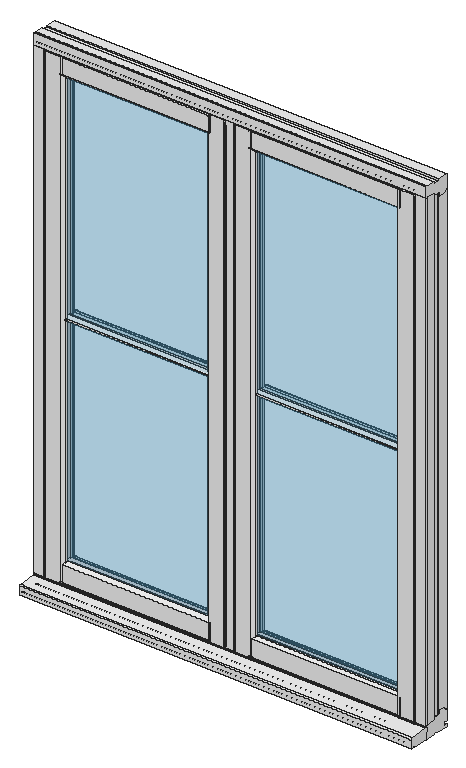
Revit family "C2-2P", category Windows, host Wall, Revit 2012
Parameters
  metal = Matel
  Wood = WindowColor
  Str.Tolrance = 11 mm
  Height = 1770 mm
  Glass = Glass
  Default Sill Height = 914.4 mm
  Wall Closure = By host
  Width = 1400 mm
Reference planes
  plane 1 "Center (Front/Back)": y = 0
  plane 2: z = 0
  plane 3 "Center (Left/Right)": x = 0
  plane 4 "Left": x = -700
  plane 5 "Right": x = 700
  plane 6 "Sill": z = 914.4
  plane 7 "Top": z = 2684.4
  plane 8: y = 33.076
  plane 9: z = 2648.4
  plane 10: x = 660
  plane 11: x = -660
  plane 12: z = 2644.4
  plane 13: z = 962.4
  plane 14: x = 602
  plane 15: x = -602
  plane 16: z = 1024.4
  plane 17: z = 2586.4
  plane 18: z = 2628.4
  plane 19: x = 18
  plane 20: x = -18
  plane 21: z = 1799.4
  plane 22: x = 80
  plane 23: x = -80
  plane 24: z = 982.4
Forms (mm)
  Sweep 1, solid, material "Matel" <- "metal"
    path origin (0, 0, 0) x (1, 0, 0) y (0, 0, 1)
      loop
        line (700, 914.4) -> (700, 2648.4)
    profile origin (700, 0, 1781.4) x (-1, 0, 0) y (0, -1, 0)
      loop
        line (0, -10) -> (0, -47) -> (43, -47) -> (43, -44)
        arc (43, -44) -> (50.071, -41.071) -> (53, -34) r 10
        line (53, -34) -> (56, -34) -> (56, -18) -> (36, -18) -> (36, -14) -> (44, -14) -> (44, -4) -> (36, -4) -> (36, -1) -> (44, -1) -> (44, 7) -> (36, 7) -> (36, 31.727)
        arc (36, 31.727) -> (34.922, 33.441) -> (33, 34.079) r 3
        line (33, 34.079) -> (33, 41)
        arc (33, 41) -> (34.834, 41.499) -> (36, 43) r 3
        line (36, 43) -> (36, 47) -> (0, 47) -> (0, 42) -> (2, 42)
        arc (2, 42) -> (5, 39) -> (2, 36) r 3
        line (2, 36) -> (0, 36) -> (0, 10) -> (5, 10) -> (5, -10) -> (0, -10)
  Sweep 2, solid, material "Matel" <- "metal"
    path origin (0, 0, 0) x (-1, 0, 0) y (0, 0, 1)
      loop
        line (700, 914.4) -> (700, 2648.4)
    profile origin (-700, 0, 1781.4) x (-1, 0, 0) y (0, -1, 0)
      loop
        line (0, -10) -> (-5, -10) -> (-5, 10) -> (0, 10) -> (0, 36) -> (-2, 36)
        arc (-2, 36) -> (-5, 39) -> (-2, 42) r 3
        line (-2, 42) -> (0, 42) -> (0, 47) -> (-36, 47) -> (-36, 43)
        arc (-36, 43) -> (-34.834, 41.499) -> (-33, 41) r 3
        line (-33, 41) -> (-33, 34.079)
        arc (-33, 34.079) -> (-34.922, 33.441) -> (-36, 31.727) r 3
        line (-36, 31.727) -> (-36, 7) -> (-44, 7) -> (-44, -1) -> (-36, -1) -> (-36, -4) -> (-44, -4) -> (-44, -14) -> (-36, -14) -> (-36, -18) -> (-56, -18) -> (-56, -34) -> (-53, -34)
        arc (-53, -34) -> (-50.071, -41.071) -> (-43, -44) r 10
        line (-43, -44) -> (-43, -47) -> (0, -47) -> (0, -10)
  Sweep 3, solid, material "Matel" <- "metal"
    path origin (-2484.788, 0, 2663.844) x (0, 0, 1) y (1, 0, 0)
      loop
        line (20.556, 1784.788) -> (20.556, 3184.788)
    profile origin (0, 0, 2684.4) x (0, 0, 1) y (0, -1, 0)
      loop
        line (0, -10) -> (-5, -10) -> (-5, 10) -> (0, 10) -> (0, 36) -> (-2, 36)
        arc (-2, 36) -> (-5, 39) -> (-2, 42) r 3
        line (-2, 42) -> (0, 42) -> (0, 47) -> (-36, 47) -> (-36, 43)
        arc (-36, 43) -> (-34.834, 41.499) -> (-33, 41) r 3
        line (-33, 41) -> (-33, 34.079)
        arc (-33, 34.079) -> (-34.922, 33.441) -> (-36, 31.727) r 3
        line (-36, 31.727) -> (-36, 7) -> (-44, 7) -> (-44, -1) -> (-36, -1) -> (-36, -4) -> (-44, -4) -> (-44, -14) -> (-36, -14) -> (-36, -18) -> (-56, -18) -> (-56, -34) -> (-53, -34)
        arc (-53, -34) -> (-50.071, -41.071) -> (-43, -44) r 10
        line (-43, -44) -> (-43, -47) -> (0, -47) -> (0, -10)
  Sweep 4, solid, material "Matel" <- "metal"
    path origin (0, 0, -6.25) x (1, 0, 0) y (0, 0, 1)
      loop
        line (700, 920.65) -> (-700, 920.65)
    profile origin (0, 0, 914.4) x (0, 0, -1) y (0, -1, 0)
      loop
        line (-55, -46) -> (-20, -46) -> (-20, -36) -> (-10, -36) -> (-10, -46) -> (0, -46) -> (0, -9) -> (-5, -9) -> (-5, 11) -> (0, 11) -> (0, 37) -> (-2, 37)
        arc (-2, 37) -> (-5, 40) -> (-2, 43) r 3
        line (-2, 43) -> (0, 43) -> (0, 48) -> (-23, 48) -> (-23, 43) -> (-38, 43) -> (-38, 48) -> (-41, 48)
        arc (-41, 48) -> (-42.414, 47.414) -> (-43, 46) r 2
        line (-43, 46) -> (-48, 6) -> (-53, 6) -> (-56, -17) -> (-57, -17) -> (-57, -23) -> (-60, -23) -> (-60, -17) -> (-68, -17) -> (-68, -33) -> (-65, -33)
        arc (-65, -33) -> (-62.071, -40.071) -> (-55, -43) r 10
        line (-55, -43) -> (-55, -46)
  Sweep 5, solid, material "Matel" <- "metal"
    path origin (0, 0, -6.25) x (1, 0, 0) y (0, 0, 1)
      loop
        line (700, 920.65) -> (-700, 920.65)
    profile origin (0, 0, 914.4) x (0, 0, -1) y (0, -1, 0)
      loop
        line (-2, 103) -> (0, 103) -> (0, 108) -> (-28, 108)
        arc (-28, 108) -> (-30.068, 107.174) -> (-30.996, 105.149) r 3
        line (-30.996, 105.149) -> (-38, 48) -> (-38, 43) -> (-23, 43) -> (-23, 48) -> (0, 48) -> (0, 97) -> (-2, 97)
        arc (-2, 97) -> (-5, 100) -> (-2, 103) r 3
  Sweep 6, solid, material "Matel" <- "metal"
    path origin (0, 0, 162.5) x (1, 0, 0) y (0, 0, 1)
      loop
        line (608, 794.9) -> (69.836, 794.9)
    profile origin (338.918, 0, 957.4) x (0, 0, -1) y (0, -1, 0)
      loop
        line (-12, -10.5) -> (-12, 5.5)
        arc (-12, 5.5) -> (-12.586, 6.914) -> (-14, 7.5) r 2
        line (-14, 7.5) -> (-14, 25.5)
        arc (-14, 25.5) -> (-12.586, 26.086) -> (-12, 27.5) r 2
        line (-12, 27.5) -> (-12, 38.5) -> (-3, 38.5)
        arc (-3, 38.5) -> (-0.879, 39.379) -> (0, 41.5) r 3
        line (0, 41.5) -> (0, 43.5)
        arc (0, 43.5) -> (-0.879, 45.621) -> (-3, 46.5) r 3
        line (-3, 46.5) -> (-62, 46.5) -> (-72, 36.5) -> (-72, 34.5) -> (-56, 34.5) -> (-56, -13.5) -> (-15, -13.5)
        arc (-15, -13.5) -> (-12.879, -12.621) -> (-12, -10.5) r 3
  Sweep 7, solid, material "Matel" <- "metal"
    path origin (0, 0, 0) x (1, 0, 0) y (0, 0, 1)
      loop
        line (602, 2586.4) -> (75.836, 2586.4) -> (75.836, 1019.4) -> (602, 1019.4) -> (602, 2586.4)
    profile origin (338.918, 0, 2586.4) x (0, 0, -1) y (0, -1, 0)
      loop
        line (-1, -10) -> (-1, -7)
        arc (-1, -7) -> (4.657, -4.657) -> (7, 1) r 8
        line (7, 1) -> (10, 1) -> (10, 5) -> (6, 6) -> (6, 9) -> (-6, 9) -> (-6, -10) -> (-1, -10)
  Sweep 8, solid
    path origin (0, 0, 0) x (1, 0, 0) y (0, 0, 1)
      loop
        line (602, 2586.4) -> (75.836, 2586.4) -> (75.836, 1024.4) -> (602, 1024.4) -> (602, 2586.4)
    profile origin (338.918, 0, 2586.4) x (0, 0, -1) y (0, -1, 0)
      loop
        line (-6, 13.165) -> (4, 13.165) -> (4, 29.165) -> (-6, 29.165) -> (-6, 13.165)
  Extrusion 9, solid, material "Glass" <- "Glass"
    sketch origin (0, -52.04, 0) x (1, 0, 0) y (0, 0, -1)
      loop
        line (602, -2586.4) -> (602, -1024.4) -> (81.836, -1024.4) -> (81.836, -2586.4) -> (602, -2586.4)
    from 38.875 to 42.875
  Sweep 10, solid, material "Matel" <- "metal"
    path origin (0, 0, 0) x (1, 0, 0) y (0, 0, 1)
      loop
        line (0, 2648.4) -> (0, 952.4)
    profile origin (0, 0, 1800.4) x (0, -1, 0) y (1, 0, 0)
      loop
        line (42.988, -14) -> (46.988, -14) -> (46.988, 14) -> (42.988, 14)
        arc (42.988, 14) -> (41.574, 13.414) -> (40.988, 12) r 2
        line (40.988, 12) -> (40.988, 11) -> (33.988, 11) -> (33.988, 12)
        arc (33.988, 12) -> (33.403, 13.414) -> (31.988, 14) r 2
        line (31.988, 14) -> (6.988, 14) -> (6.988, 20) -> (-1.012, 20) -> (-1.012, 14) -> (-4.012, 14) -> (-4.012, 22) -> (-14.012, 22) -> (-14.012, 14) -> (-18.012, 14) -> (-18.012, 34) -> (-34.012, 34) -> (-34.012, 31)
        arc (-34.012, 31) -> (-41.083, 28.071) -> (-44.012, 21) r 10
        line (-44.012, 21) -> (-47.012, 21) -> (-47.012, -21) -> (-44.012, -21)
        arc (-44.012, -21) -> (-41.083, -28.071) -> (-34.012, -31) r 10
        line (-34.012, -31) -> (-34.012, -34) -> (-18.012, -34) -> (-18.012, -14) -> (-14.012, -14) -> (-14.012, -22) -> (-4.012, -22) -> (-4.012, -14) -> (-1.012, -14) -> (-1.012, -20) -> (6.988, -20) -> (6.988, -14) -> (31.988, -14)
        arc (31.988, -14) -> (33.403, -13.414) -> (33.988, -12) r 2
        line (33.988, -12) -> (33.988, -11) -> (40.988, -11) -> (40.988, -12)
        arc (40.988, -12) -> (41.574, -13.414) -> (42.988, -14) r 2
  Sweep 11, solid, material "Matel" <- "metal"
    path origin (0, 0, 0) x (-1, 0, 0) y (0, 0, 1)
      loop
        line (602, 2586.4) -> (75.836, 2586.4) -> (75.836, 1019.4) -> (602, 1019.4) -> (602, 2586.4)
    profile origin (-338.918, 0, 2586.4) x (0, 0, 1) y (0, -1, 0)
      loop
        line (1, -10) -> (6, -10) -> (6, 9) -> (-6, 9) -> (-6, 6) -> (-10, 5) -> (-10, 1) -> (-7, 1)
        arc (-7, 1) -> (-4.657, -4.657) -> (1, -7) r 8
        line (1, -7) -> (1, -10)
  Sweep 12, solid, material "Matel" <- "metal"
    path origin (0, 0, 0) x (-1, 0, 0) y (0, 0, 1)
      loop
        line (660, 914.4) -> (660, 2644.4)
    profile origin (-660, 0, 1779.4) x (-1, 0, 0) y (0, -1, 0)
      loop
        line (-8, -10) -> (-8, 6)
        arc (-8, 6) -> (-8.586, 7.414) -> (-10, 8) r 2
        line (-10, 8) -> (-10, 26)
        arc (-10, 26) -> (-8.586, 26.586) -> (-8, 28) r 2
        line (-8, 28) -> (-8, 39) -> (-3, 39)
        arc (-3, 39) -> (-0.879, 39.879) -> (0, 42) r 3
        line (0, 42) -> (0, 44)
        arc (0, 44) -> (-0.879, 46.121) -> (-3, 47) r 3
        line (-3, 47) -> (-58, 47) -> (-68, 37) -> (-68, 35) -> (-52, 35) -> (-52, -13) -> (-11, -13)
        arc (-11, -13) -> (-8.879, -12.121) -> (-8, -10) r 3
  Sweep 13, solid, material "Matel" <- "metal"
    path origin (0, 0, 0) x (-1, 0, 0) y (0, 0, 1)
      loop
        line (608, 957.4) -> (69.836, 957.4)
    profile origin (-338.918, 0, 957.4) x (0, 0, 1) y (0, -1, 0)
      loop
        arc (12, -10.5) -> (12.879, -12.621) -> (15, -13.5) r 3
        line (15, -13.5) -> (56, -13.5) -> (56, 34.5) -> (72, 34.5) -> (72, 36.5) -> (62, 46.5) -> (3, 46.5)
        arc (3, 46.5) -> (0.879, 45.621) -> (0, 43.5) r 3
        line (0, 43.5) -> (0, 41.5)
        arc (0, 41.5) -> (0.879, 39.379) -> (3, 38.5) r 3
        line (3, 38.5) -> (12, 38.5) -> (12, 27.5)
        arc (12, 27.5) -> (12.586, 26.086) -> (14, 25.5) r 2
        line (14, 25.5) -> (14, 7.5)
        arc (14, 7.5) -> (12.586, 6.914) -> (12, 5.5) r 2
        line (12, 5.5) -> (12, -10.5)
  Extrusion 14, solid, material "Glass" <- "Glass"
    sketch origin (0, 13.71, 0) x (1, 0, 0) y (0, 0, 1)
      loop
        line (602, 2586.4) -> (81.836, 2586.4) -> (81.836, 1024.4) -> (602, 1024.4) -> (602, 2586.4)
    from 42.875 to 46.875
  Sweep 15, solid
    path origin (0, 0, 0) x (-1, 0, 0) y (0, 0, 1)
      loop
        line (602, 2586.4) -> (75.836, 2586.4) -> (75.836, 1024.4) -> (602, 1024.4) -> (602, 2586.4)
    profile origin (-338.918, 0, 2586.4) x (0, 0, 1) y (0, -1, 0)
      loop
        line (6, 13.165) -> (6, 29.165) -> (-4, 29.165) -> (-4, 13.165) -> (6, 13.165)
  Extrusion 16, solid, material "Glass" <- "Glass"
    sketch origin (0, -52.04, 0) x (-1, 0, 0) y (0, 0, 1)
      loop
        line (602, 2586.4) -> (81.836, 2586.4) -> (81.836, 1024.4) -> (602, 1024.4) -> (602, 2586.4)
    from 38.875 to 42.875
  Extrusion 17, solid, material "Glass" <- "Glass"
    sketch origin (0, 13.71, 0) x (-1, 0, 0) y (0, 0, -1)
      loop
        line (602, -2586.4) -> (602, -1024.4) -> (81.836, -1024.4) -> (81.836, -2586.4) -> (602, -2586.4)
    from 42.875 to 46.875
  Sweep 18, solid, material "Matel" <- "metal"
    path origin (-577.836, 0, 0) x (1, 0, 0) y (0, 0, 1)
      loop
        line (560, 914.4) -> (560, 2644.4)
    profile origin (-17.836, 0, 1779.4) x (-1, 0, 0) y (0, -1, 0)
      loop
        arc (8, -10) -> (8.879, -12.121) -> (11, -13) r 3
        line (11, -13) -> (52, -13) -> (52, 35) -> (68, 35) -> (68, 37) -> (58, 47) -> (3, 47)
        arc (3, 47) -> (0.879, 46.121) -> (0, 44) r 3
        line (0, 44) -> (0, 42)
        arc (0, 42) -> (0.879, 39.879) -> (3, 39) r 3
        line (3, 39) -> (8, 39) -> (8, 28)
        arc (8, 28) -> (8.586, 26.586) -> (10, 26) r 2
        line (10, 26) -> (10, 8)
        arc (10, 8) -> (8.586, 7.414) -> (8, 6) r 2
        line (8, 6) -> (8, -10)
  Sweep 19, solid, material "Matel" <- "metal"
    path origin (-3801.389, 0, 3572.678) x (0, 0, 1) y (1, 0, 0)
      loop
        line (-928.278, 3193.389) -> (-928.278, 3731.553)
    profile origin (-338.918, 0, 2644.4) x (0, 0, 1) y (0, -1, 0)
      loop
        line (-8, -10.5) -> (-8, 5.5)
        arc (-8, 5.5) -> (-8.586, 6.914) -> (-10, 7.5) r 2
        line (-10, 7.5) -> (-10, 25.5)
        arc (-10, 25.5) -> (-8.586, 26.086) -> (-8, 27.5) r 2
        line (-8, 27.5) -> (-8, 38.5) -> (-3, 38.5)
        arc (-3, 38.5) -> (-0.879, 39.379) -> (0, 41.5) r 3
        line (0, 41.5) -> (0, 43.5)
        arc (0, 43.5) -> (-0.879, 45.621) -> (-3, 46.5) r 3
        line (-3, 46.5) -> (-58, 46.5) -> (-68, 36.5) -> (-68, 34.5) -> (-52, 34.5) -> (-52, -13.5) -> (-11, -13.5)
        arc (-11, -13.5) -> (-8.879, -12.621) -> (-8, -10.5) r 3
  Sweep 20, solid, material "Matel" <- "metal", detail levels fine
    path origin (0, 0, 0) x (1, 0, 0) y (0, 0, 1)
      loop
        line (602, 1799.4) -> (80, 1799.4)
    profile origin (341, 0, 1799.4) x (0, 0, -1) y (0, -1, 0)
      loop
        line (10, -2.71) -> (-10, -2.71) -> (-10, -8.71) -> (-8, -8.71) -> (-8, -11.21)
        arc (-8, -11.21) -> (-6.294, -15.725) -> (-2.5, -18.71) r 9
        line (-2.5, -18.71) -> (-2.5, -20.71) -> (2.5, -20.71) -> (2.5, -18.71)
        arc (2.5, -18.71) -> (6.294, -15.725) -> (8, -11.21) r 9
        line (8, -11.21) -> (8, -8.71) -> (10, -8.71) -> (10, -2.71)
      loop
        line (10, 26.379) -> (2.551, 34.533) -> (2.551, 36.533) -> (-2.449, 36.533) -> (-2.449, 34.533) -> (-10, 23.579) -> (10, 23.579) -> (10, 26.379)
  Sweep 21, solid, material "Matel" <- "metal", detail levels fine
    path origin (0, 0, 0) x (-1, 0, 0) y (0, 0, 1)
      loop
        line (602, 1799.4) -> (80, 1799.4)
    profile origin (-341, 0, 1799.4) x (0, 0, 1) y (0, -1, 0)
      loop
        line (-10, -2.71) -> (-10, -8.71) -> (-8, -8.71) -> (-8, -11.21)
        arc (-8, -11.21) -> (-6.294, -15.725) -> (-2.5, -18.71) r 9
        line (-2.5, -18.71) -> (-2.5, -20.71) -> (2.5, -20.71) -> (2.5, -18.71)
        arc (2.5, -18.71) -> (6.294, -15.725) -> (8, -11.21) r 9
        line (8, -11.21) -> (8, -8.71) -> (10, -8.71) -> (10, -2.71) -> (-10, -2.71)
      loop
        line (-10, 26.379) -> (-10, 23.579) -> (10, 23.579) -> (2.449, 34.533) -> (2.449, 36.533) -> (-2.551, 36.533) -> (-2.551, 34.533) -> (-10, 26.379)
  Sweep 22, solid, material "Matel" <- "metal", detail levels fine
    path origin (0, 0, 0) x (1, 0, 0) y (0, 0, 1)
      loop
        line (602, 1799.4) -> (80, 1799.4)
    profile origin (341, 0, 1799.4) x (0, 0, -1) y (0, -1, 0)
      loop
        line (10, -0.153) -> (10, 15.847) -> (-10, 15.847) -> (-10, -0.153) -> (10, -0.153)
  Sweep 23, solid, material "Matel" <- "metal", detail levels fine
    path origin (0, 0, 0) x (-1, 0, 0) y (0, 0, 1)
      loop
        line (595, 1799.4) -> (82.836, 1799.4)
    profile origin (-338.918, 0, 1799.4) x (0, 0, 1) y (0, -1, 0)
      loop
        line (-10, -0.153) -> (10, -0.153) -> (10, 15.847) -> (-10, 15.847) -> (-10, -0.153)
  Sweep 24, void
    path origin (0, 0, 0) x (1, 0, 0) y (0, 1, 0)
      loop
        line (700, 0) -> (-700, 0)
    profile origin (0, 0, 0) x (0, -1, 0) y (0, 0, 1)
      loop
        line (-46, 969.4) -> (-57, 969.4) -> (-57, 909.4) -> (133, 909.4) -> (133, 939.4)
        arc (133, 939.4) -> (132.248, 941.386) -> (130.37, 942.377) r 3
        line (130.37, 942.377) -> (105.37, 945.377) -> (80.364, 948.378) -> (48, 952.4) -> (48, 955.4)
        arc (48, 955.4) -> (47.414, 956.814) -> (46, 957.4) r 2
        line (46, 957.4) -> (6, 962.4) -> (6, 967.4) -> (-17, 970.4) -> (-17, 971.4) -> (-23, 971.4) -> (-23, 974.4) -> (-17, 974.4) -> (-17, 982.4) -> (-33, 982.4) -> (-33, 979.4)
        arc (-33, 979.4) -> (-40.071, 976.471) -> (-43, 969.4) r 10
        line (-43, 969.4) -> (-46, 969.4)
  Sweep 25, solid, material "Matel" <- "metal"
    path origin (0, 0, 0) x (1, 0, 0) y (0, 0, 1)
      loop
        line (602, 2586.4) -> (75.836, 2586.4) -> (75.836, 1019.4) -> (602, 1019.4) -> (602, 2586.4)
    profile origin (338.918, 0, 2586.4) x (0, 0, -1) y (0, -1, 0)
      loop
        line (-1, -10) -> (-1, -7)
        arc (-1, -7) -> (4.657, -4.657) -> (7, 1) r 8
        line (7, 1) -> (10, 1) -> (10, 5) -> (6, 6) -> (6, 9) -> (-6, 9) -> (-6, -10) -> (-1, -10)
  Sweep 26, solid, material "Matel" <- "metal"
    path origin (0, 0, 0) x (1, 0, 0) y (0, 0, 1)
      loop
        line (660, 914.4) -> (660, 2644.4)
    profile origin (660, 0, 1779.4) x (-1, 0, 0) y (0, -1, 0)
      loop
        arc (8, -10) -> (8.879, -12.121) -> (11, -13) r 3
        line (11, -13) -> (52, -13) -> (52, 35) -> (68, 35) -> (68, 37) -> (58, 47) -> (3, 47)
        arc (3, 47) -> (0.879, 46.121) -> (0, 44) r 3
        line (0, 44) -> (0, 42)
        arc (0, 42) -> (0.879, 39.879) -> (3, 39) r 3
        line (3, 39) -> (8, 39) -> (8, 28)
        arc (8, 28) -> (8.586, 26.586) -> (10, 26) r 2
        line (10, 26) -> (10, 8)
        arc (10, 8) -> (8.586, 7.414) -> (8, 6) r 2
        line (8, 6) -> (8, -10)
  Sweep 27, solid, material "Matel" <- "metal"
    path origin (577.836, 0, 0) x (-1, 0, 0) y (0, 0, 1)
      loop
        line (560, 914.4) -> (560, 2644.4)
    profile origin (17.836, 0, 1779.4) x (-1, 0, 0) y (0, -1, 0)
      loop
        line (-8, -10) -> (-8, 6)
        arc (-8, 6) -> (-8.586, 7.414) -> (-10, 8) r 2
        line (-10, 8) -> (-10, 26)
        arc (-10, 26) -> (-8.586, 26.586) -> (-8, 28) r 2
        line (-8, 28) -> (-8, 39) -> (-3, 39)
        arc (-3, 39) -> (-0.879, 39.879) -> (0, 42) r 3
        line (0, 42) -> (0, 44)
        arc (0, 44) -> (-0.879, 46.121) -> (-3, 47) r 3
        line (-3, 47) -> (-58, 47) -> (-68, 37) -> (-68, 35) -> (-52, 35) -> (-52, -13) -> (-11, -13)
        arc (-11, -13) -> (-8.879, -12.121) -> (-8, -10) r 3
  Sweep 28, solid, material "Matel" <- "metal"
    path origin (3801.389, 0, 3572.678) x (0, 0, 1) y (-1, 0, 0)
      loop
        line (-928.278, 3193.389) -> (-928.278, 3731.553)
    profile origin (338.918, 0, 2644.4) x (0, 0, -1) y (0, -1, 0)
      loop
        arc (8, -10.5) -> (8.879, -12.621) -> (11, -13.5) r 3
        line (11, -13.5) -> (52, -13.5) -> (52, 34.5) -> (68, 34.5) -> (68, 36.5) -> (58, 46.5) -> (3, 46.5)
        arc (3, 46.5) -> (0.879, 45.621) -> (0, 43.5) r 3
        line (0, 43.5) -> (0, 41.5)
        arc (0, 41.5) -> (0.879, 39.379) -> (3, 38.5) r 3
        line (3, 38.5) -> (8, 38.5) -> (8, 27.5)
        arc (8, 27.5) -> (8.586, 26.086) -> (10, 25.5) r 2
        line (10, 25.5) -> (10, 7.5)
        arc (10, 7.5) -> (8.586, 6.914) -> (8, 5.5) r 2
        line (8, 5.5) -> (8, -10.5)
Cuts and joins
  Sweep 24 cuts Sweep 1
  Sweep 24 cuts Sweep 2
  Sweep 24 cuts Sweep 10
  Sweep 24 cuts Sweep 12
  Sweep 24 cuts Sweep 18
Lines and regions (mm)
  Opening 1
    outline origin (-1524, -47, 0) x (1, 0, 0) y (0, 0, 1)
      loop
        line (824, 2684.4) -> (824, 914.4) -> (2224, 914.4) -> (2224, 2684.4) -> (824, 2684.4)
Text (mm)
  text "EXTERIOR" at (-1490.695, 1293.036, 0), in view "Ref. Level"
  text "INTERIOR" at (-1490.695, -959.266, 0), in view "Ref. Level"
  text "Exterior" at (0, 1108.87, 3129.179), in view "Left"
  text "Exterior" at (0, 464.664, 3176.206), in view "Right"
Dimensions and locks
  equal spacing: plane 4 "Left", plane 3 "Center (Left/Right)", plane 5 "Right"  (x2)
  "Height": plane 6 "Sill" to plane 7 "Top"
  "Default Sill Height": plane 2 to plane 6 "Sill"
  plane 6 "Sill" to plane 7 "Top" = 1770 mm
  "Width": plane 4 "Left" to plane 5 "Right"
  locked: plane 9 to plane 7 "Top" at 36
  plane 10 to plane 5 "Right" = 40 mm
  plane 11 to plane 4 "Left" = 40 mm
  locked: plane 12 to plane 7 "Top" at 40
  locked: plane 6 "Sill" to plane 13 at 48
  locked: plane 5 "Right" to plane 14 at 98
  locked: plane 4 "Left" to plane 15 at 98
  locked: plane 6 "Sill" to plane 16 at 110
  locked: plane 17 to plane 7 "Top" at 98
  locked: Extrusion 9 to Extrusion 9 at 4
  locked: plane 19 to plane 3 "Center (Left/Right)" at 18
  locked: plane 3 "Center (Left/Right)" to plane 20 at 18
  locked: Extrusion 14 to Extrusion 14 at 4
  locked: Extrusion 16 to Extrusion 16 at 4
  locked: Extrusion 17 to Extrusion 17 at 4
  equal spacing: plane 6 "Sill", plane 21, plane 7 "Top"
  locked: plane 22 to plane 3 "Center (Left/Right)" at 80
  locked: plane 3 "Center (Left/Right)" to plane 23 at 80
  aligned and locked: plane 7 "Top" to Opening 1 sketch curve
  aligned and locked: plane 6 "Sill" to Opening 1 sketch curve  (x2)
  aligned and locked: plane 5 "Right" to Opening 1 sketch curve
  aligned and locked: plane 4 "Left" to Opening 1 sketch curve
  aligned and locked: level to plane 2
  aligned and locked: plane 5 "Right" to Sweep 1 sketch curve
  aligned and locked: plane 9 to Sweep 1 sketch curve
  aligned and locked: plane 4 "Left" to Sweep 2 sketch curve
  aligned and locked: plane 9 to Sweep 2 sketch curve
  aligned and locked: plane 5 "Right" to Sweep 3 sketch curve
  aligned and locked: plane 4 "Left" to Sweep 3 sketch curve
  aligned and locked: plane 4 "Left" to Sweep 4 sketch curve
  aligned and locked: plane 5 "Right" to Sweep 4 sketch curve
  aligned and locked: Sweep 7 sketch curve to plane 14
  aligned and locked: Sweep 7 sketch curve to plane 17
  aligned and locked: Sweep 8 sketch curve to plane 14
  aligned and locked: Sweep 8 sketch curve to plane 17
  aligned and locked: plane 16 to Sweep 8 sketch curve
  aligned and locked: Sweep 6 sketch curve to Sweep 4
  aligned and locked: plane 17 to Sweep 11 sketch curve
  aligned and locked: plane 15 to Sweep 11 sketch curve
  aligned and locked: Sweep 12 sketch curve to plane 11
  aligned and locked: plane 15 to Sweep 15 sketch curve
  aligned and locked: plane 17 to Sweep 15 sketch curve
  aligned and locked: Sweep 15 sketch curve to plane 16
  aligned and locked: Sweep 4 to Sweep 10 sketch curve
  aligned and locked: plane 12 to Sweep 19 sketch curve
  aligned and locked: plane 12 to Sweep 12 sketch curve
  aligned and locked: plane 12 to Sweep 18 sketch curve
  aligned and locked: plane 9 to Sweep 10 sketch curve
  aligned and locked: plane 14 to Sweep 20 sketch curve
  aligned and locked: Sweep 20 sketch curve to plane 21
  aligned and locked: plane 22 to Sweep 20 sketch curve
  aligned and locked: plane 14 to Sweep 22 sketch curve
  aligned and locked: plane 22 to Sweep 22 sketch curve
  aligned and locked: plane 21 to Sweep 23 sketch curve
  aligned and locked: Sweep 11 to Sweep 23 sketch curve  (x2)
  aligned and locked: Sweep 3 to plane 7 "Top"
  aligned and locked: plane 6 "Sill" to Sweep 4
  aligned and locked: plane 6 "Sill" to Sweep 5
Automatic sketch dimensions
  Sweep 1 sketch curve to plane 6 "Sill" = 0 mm
  Sweep 1 sketch curve to profile plane = 0 mm  (x3)
  Sweep 1 sketch curve to profile plane = 2 mm
  Sweep 1 sketch curve to Sweep 1 sketch curve = 5 mm  (x2)
  Sweep 1 sketch curve to Sweep 1 sketch curve = 31 mm  (x2)
  Sweep 1 sketch curve to Sweep 1 sketch curve = 0.071 mm
  Sweep 1 sketch curve to Sweep 1 sketch curve = 0.17 mm
  Sweep 1 sketch curve to plane 1 "Center (Front/Back)" = 4 mm
  Sweep 1 sketch curve to Sweep 1 sketch curve = 0 mm  (x3)
  Sweep 1 sketch curve to Sweep 1 sketch curve = 2.83 mm
  Sweep 1 sketch curve to Sweep 1 sketch curve = 7 mm
  Sweep 1 sketch curve to Sweep 1 sketch curve = 8 mm
  Sweep 1 sketch curve to plane 1 "Center (Front/Back)" = 1 mm
  Sweep 1 sketch curve to Sweep 1 sketch curve = 10 mm  (x2)
  Sweep 1 sketch curve to Sweep 1 sketch curve = 12 mm
  Sweep 1 sketch curve to plane 1 "Center (Front/Back)" = 10 mm
  Sweep 1 sketch curve to Sweep 1 sketch curve = 4 mm
  Sweep 1 sketch curve to Sweep 1 sketch curve = 16 mm
  Sweep 1 sketch curve to Sweep 1 sketch curve = 3 mm  (x2)
  plane 1 "Center (Front/Back)" to Sweep 1 sketch curve = 7 mm
  plane 1 "Center (Front/Back)" to Sweep 1 sketch curve = 10 mm
  Sweep 1 sketch curve to Sweep 1 sketch curve = 24.08 mm
  Sweep 1 sketch curve to Sweep 1 sketch curve = 0.647 mm
  Sweep 1 sketch curve to Sweep 1 sketch curve = 26 mm
  Sweep 1 sketch curve to Sweep 1 sketch curve = 6.921 mm
  Sweep 1 sketch curve to Sweep 1 sketch curve = 2 mm
  Sweep 2 sketch curve to plane 6 "Sill" = 0 mm
  Sweep 2 sketch curve to profile plane = 0 mm  (x3)
  Sweep 2 sketch curve to Sweep 2 sketch curve = 2 mm  (x2)
  Sweep 2 sketch curve to Sweep 2 sketch curve = 5 mm  (x2)
  Sweep 2 sketch curve to Sweep 2 sketch curve = 31 mm
  Sweep 2 sketch curve to Sweep 2 sketch curve = 0.071 mm
  Sweep 2 sketch curve to Sweep 2 sketch curve = 0.17 mm
  plane 1 "Center (Front/Back)" to Sweep 2 sketch curve = 7 mm
  Sweep 2 sketch curve to Sweep 2 sketch curve = 2.929 mm
  Sweep 2 sketch curve to Sweep 2 sketch curve = 2.83 mm
  Sweep 2 sketch curve to plane 1 "Center (Front/Back)" = 1 mm
  Sweep 2 sketch curve to Sweep 2 sketch curve = 0 mm  (x3)
  Sweep 2 sketch curve to Sweep 2 sketch curve = 7 mm
  Sweep 2 sketch curve to Sweep 2 sketch curve = 8 mm
  Sweep 2 sketch curve to Sweep 2 sketch curve = 10 mm  (x2)
  Sweep 2 sketch curve to Sweep 2 sketch curve = 3 mm  (x4)
  Sweep 2 sketch curve to plane 1 "Center (Front/Back)" = 10 mm
  Sweep 2 sketch curve to Sweep 2 sketch curve = 4 mm
  Sweep 2 sketch curve to Sweep 2 sketch curve = 16 mm
  plane 1 "Center (Front/Back)" to Sweep 2 sketch curve = 10 mm
  Sweep 2 sketch curve to Sweep 2 sketch curve = 24.08 mm
  Sweep 2 sketch curve to Sweep 2 sketch curve = 0.647 mm
  Sweep 2 sketch curve to Sweep 2 sketch curve = 26 mm
  Sweep 2 sketch curve to Sweep 2 sketch curve = 6.921 mm
  Sweep 3 sketch curve to plane 7 "Top" = 0 mm
  profile plane to Sweep 3 sketch curve = 0 mm  (x3)
  Sweep 3 sketch curve to Sweep 3 sketch curve = 2 mm  (x2)
  Sweep 3 sketch curve to Sweep 3 sketch curve = 5 mm  (x2)
  Sweep 3 sketch curve to Sweep 3 sketch curve = 31 mm
  Sweep 3 sketch curve to Sweep 3 sketch curve = 0.071 mm
  Sweep 3 sketch curve to Sweep 3 sketch curve = 0.17 mm
  plane 1 "Center (Front/Back)" to Sweep 3 sketch curve = 7 mm
  Sweep 3 sketch curve to Sweep 3 sketch curve = 2.929 mm
  Sweep 3 sketch curve to Sweep 3 sketch curve = 2.83 mm
  Sweep 3 sketch curve to plane 1 "Center (Front/Back)" = 1 mm
  Sweep 3 sketch curve to Sweep 3 sketch curve = 0 mm  (x3)
  Sweep 3 sketch curve to Sweep 3 sketch curve = 7 mm
  Sweep 3 sketch curve to Sweep 3 sketch curve = 8 mm
  Sweep 3 sketch curve to Sweep 3 sketch curve = 10 mm  (x2)
  Sweep 3 sketch curve to Sweep 3 sketch curve = 3 mm  (x4)
  Sweep 3 sketch curve to plane 1 "Center (Front/Back)" = 10 mm
  Sweep 3 sketch curve to Sweep 3 sketch curve = 4 mm
  Sweep 3 sketch curve to Sweep 3 sketch curve = 16 mm
  plane 1 "Center (Front/Back)" to Sweep 3 sketch curve = 10 mm
  Sweep 3 sketch curve to Sweep 3 sketch curve = 24.08 mm
  Sweep 3 sketch curve to Sweep 3 sketch curve = 0.647 mm
  Sweep 3 sketch curve to Sweep 3 sketch curve = 26 mm
  Sweep 3 sketch curve to Sweep 3 sketch curve = 6.921 mm
  Sweep 4 sketch curve to plane 6 "Sill" = 0 mm
  Sweep 4 sketch curve to profile plane = 0 mm  (x3)
  profile plane to Sweep 4 sketch curve = 2 mm
  profile plane to Sweep 4 sketch curve = 5 mm
  profile plane to Sweep 4 sketch curve = 10 mm
  Sweep 4 sketch curve to Sweep 4 sketch curve = 10 mm  (x5)
  Sweep 4 sketch curve to Sweep 4 sketch curve = 21 mm
  Sweep 4 sketch curve to Sweep 4 sketch curve = 15 mm
  Sweep 4 sketch curve to Sweep 4 sketch curve = 3 mm  (x6)
  Sweep 4 sketch curve to Sweep 4 sketch curve = 2 mm
  plane 1 "Center (Front/Back)" to Sweep 4 sketch curve = 6 mm
  Sweep 4 sketch curve to Sweep 4 sketch curve = 5 mm  (x2)
  Sweep 4 sketch curve to Sweep 4 sketch curve = 35 mm
  Sweep 4 sketch curve to plane 1 "Center (Front/Back)" = 17 mm
  Sweep 4 sketch curve to Sweep 4 sketch curve = 1 mm  (x2)
  Sweep 4 sketch curve to Sweep 4 sketch curve = 0 mm  (x2)
  Sweep 4 sketch curve to Sweep 4 sketch curve = 6 mm
  Sweep 4 sketch curve to plane 1 "Center (Front/Back)" = 36 mm
  Sweep 4 sketch curve to plane 1 "Center (Front/Back)" = 9 mm
  plane 1 "Center (Front/Back)" to Sweep 4 sketch curve = 11 mm
  Sweep 4 sketch curve to Sweep 4 sketch curve = 26 mm
  plane 4 "Left" to Sweep 5 sketch curve = 0 mm
  plane 5 "Right" to Sweep 5 sketch curve = 0 mm
  Sweep 5 sketch curve to plane 6 "Sill" = 0 mm
  Sweep 5 sketch curve to profile plane = 0 mm  (x2)
  profile plane to Sweep 5 sketch curve = 2 mm
  profile plane to Sweep 5 sketch curve = 23 mm
  Sweep 5 sketch curve to Sweep 5 sketch curve = 26 mm
  Sweep 5 sketch curve to Sweep 5 sketch curve = 2.996 mm
  Sweep 5 sketch curve to Sweep 5 sketch curve = 15 mm
  plane 1 "Center (Front/Back)" to Sweep 5 sketch curve = 43 mm
  Sweep 5 sketch curve to Sweep 5 sketch curve = 5 mm  (x2)
  Sweep 5 sketch curve to Sweep 5 sketch curve = 49 mm
  Sweep 5 sketch curve to Sweep 5 sketch curve = 3 mm
  Sweep 5 sketch curve to Sweep 5 sketch curve = 2 mm
  Sweep 5 sketch curve to Sweep 5 sketch curve = 0.149 mm
  Sweep 6 sketch curve to profile plane = 0 mm
  profile plane to Sweep 6 sketch curve = 3 mm  (x2)
  profile plane to Sweep 6 sketch curve = 12 mm  (x2)
  Sweep 6 sketch curve to Sweep 6 sketch curve = 2 mm  (x3)
  Sweep 6 sketch curve to Sweep 6 sketch curve = 3 mm
  Sweep 6 sketch curve to Sweep 6 sketch curve = 42 mm
  Sweep 6 sketch curve to Sweep 6 sketch curve = 6 mm
  Sweep 6 sketch curve to Sweep 6 sketch curve = 10 mm
  Sweep 6 sketch curve to plane 1 "Center (Front/Back)" = 13.5 mm
  plane 1 "Center (Front/Back)" to Sweep 6 sketch curve = 5.5 mm
  Sweep 6 sketch curve to Sweep 6 sketch curve = 18 mm
  plane 1 "Center (Front/Back)" to Sweep 6 sketch curve = 34.5 mm
  Sweep 6 sketch curve to Sweep 6 sketch curve = 11 mm
  Sweep 7 sketch curve to plane 22 = 4.164 mm
  profile plane to Sweep 7 sketch curve = 6 mm
  profile plane to Sweep 7 sketch curve = 1 mm
  Sweep 7 sketch curve to profile plane = 6 mm
  plane 1 "Center (Front/Back)" to Sweep 7 sketch curve = 1 mm
  Sweep 7 sketch curve to Sweep 7 sketch curve = 1 mm  (x2)
  plane 1 "Center (Front/Back)" to Sweep 7 sketch curve = 5 mm
  Sweep 7 sketch curve to Sweep 7 sketch curve = 4 mm
  Sweep 7 sketch curve to Sweep 7 sketch curve = 3 mm
  plane 1 "Center (Front/Back)" to Sweep 7 sketch curve = 9 mm
  Sweep 8 sketch curve to plane 22 = 4.164 mm
  profile plane to Sweep 8 sketch curve = 6 mm
  Sweep 8 sketch curve to profile plane = 4 mm
  plane 1 "Center (Front/Back)" to Sweep 8 sketch curve = 13.165 mm
  Sweep 8 sketch curve to Sweep 8 sketch curve = 16 mm
  Extrusion 9 sketch curve to plane 17 = 0 mm
  Extrusion 9 sketch curve to plane 16 = 0 mm
  Extrusion 9 sketch curve to plane 14 = 0 mm
  plane 22 to Extrusion 9 sketch curve = 1.836 mm
  Sweep 10 sketch curve to plane 3 "Center (Left/Right)" = 0 mm
  profile plane to Sweep 10 sketch curve = 21 mm
  Sweep 10 sketch curve to plane 1 "Center (Front/Back)" = 47.012 mm
  Sweep 10 sketch curve to Sweep 10 sketch curve = 3 mm  (x3)
  Sweep 10 sketch curve to Sweep 10 sketch curve = 10 mm  (x2)
  Sweep 10 sketch curve to Sweep 10 sketch curve = 16 mm  (x2)
  Sweep 10 sketch curve to Sweep 10 sketch curve = 4 mm  (x3)
  Sweep 10 sketch curve to plane 1 "Center (Front/Back)" = 4.012 mm  (x2)
  Sweep 10 sketch curve to plane 1 "Center (Front/Back)" = 1.012 mm  (x2)
  plane 1 "Center (Front/Back)" to Sweep 10 sketch curve = 6.988 mm  (x2)
  Sweep 10 sketch curve to profile plane = 12 mm
  Sweep 10 sketch curve to Sweep 10 sketch curve = 25 mm  (x2)
  Sweep 10 sketch curve to Sweep 10 sketch curve = 2 mm  (x5)
  Sweep 10 sketch curve to Sweep 10 sketch curve = 7 mm  (x2)
  Sweep 10 sketch curve to Sweep 10 sketch curve = 12 mm  (x2)
  profile plane to Sweep 10 sketch curve = 14 mm
  Sweep 10 sketch curve to Sweep 10 sketch curve = 6 mm  (x3)
  Sweep 10 sketch curve to Sweep 10 sketch curve = 8 mm  (x2)
  Sweep 10 sketch curve to Sweep 10 sketch curve = 1 mm  (x3)
  Sweep 10 sketch curve to profile plane = 14 mm
  Sweep 10 sketch curve to Sweep 10 sketch curve = 0 mm
  Sweep 10 sketch curve to profile plane = 21 mm
  plane 16 to Sweep 11 sketch curve = 5 mm
  plane 23 to Sweep 11 sketch curve = 4.164 mm
  plane 1 "Center (Front/Back)" to Sweep 11 sketch curve = 1 mm
  profile plane to Sweep 11 sketch curve = 10 mm
  Sweep 11 sketch curve to Sweep 11 sketch curve = 3 mm  (x2)
  Sweep 11 sketch curve to Sweep 11 sketch curve = 4 mm  (x2)
  Sweep 11 sketch curve to profile plane = 1 mm
  Sweep 11 sketch curve to Sweep 11 sketch curve = 5 mm
  Sweep 11 sketch curve to Sweep 11 sketch curve = 1 mm
  plane 1 "Center (Front/Back)" to Sweep 11 sketch curve = 9 mm
  Sweep 12 sketch curve to plane 6 "Sill" = 0 mm
  Sweep 12 sketch curve to profile plane = 0 mm
  profile plane to Sweep 12 sketch curve = 3 mm  (x2)
  profile plane to Sweep 12 sketch curve = 8 mm  (x2)
  Sweep 12 sketch curve to Sweep 12 sketch curve = 2 mm  (x3)
  Sweep 12 sketch curve to Sweep 12 sketch curve = 3 mm
  Sweep 12 sketch curve to Sweep 12 sketch curve = 42 mm
  Sweep 12 sketch curve to Sweep 12 sketch curve = 6 mm
  Sweep 12 sketch curve to Sweep 12 sketch curve = 10 mm
  Sweep 12 sketch curve to plane 1 "Center (Front/Back)" = 13 mm
  plane 1 "Center (Front/Back)" to Sweep 12 sketch curve = 6 mm
  Sweep 12 sketch curve to Sweep 12 sketch curve = 18 mm
  plane 1 "Center (Front/Back)" to Sweep 12 sketch curve = 35 mm
  Sweep 12 sketch curve to Sweep 12 sketch curve = 11 mm
  profile plane to Sweep 13 sketch curve = 0 mm
  Sweep 13 sketch curve to profile plane = 3 mm
  Sweep 13 sketch curve to Sweep 13 sketch curve = 0 mm
  Sweep 13 sketch curve to profile plane = 12 mm
  Sweep 13 sketch curve to Sweep 13 sketch curve = 9 mm
  Sweep 13 sketch curve to Sweep 13 sketch curve = 2 mm  (x3)
  Sweep 13 sketch curve to Sweep 13 sketch curve = 3 mm
  Sweep 13 sketch curve to plane 1 "Center (Front/Back)" = 13.5 mm
  Sweep 13 sketch curve to Sweep 13 sketch curve = 41 mm
  Sweep 13 sketch curve to Sweep 13 sketch curve = 6 mm
  Sweep 13 sketch curve to Sweep 13 sketch curve = 10 mm
  plane 1 "Center (Front/Back)" to Sweep 13 sketch curve = 5.5 mm
  Sweep 13 sketch curve to Sweep 13 sketch curve = 18 mm
  plane 1 "Center (Front/Back)" to Sweep 13 sketch curve = 34.5 mm
  Sweep 13 sketch curve to Sweep 13 sketch curve = 11 mm
  Extrusion 14 sketch curve to plane 17 = 0 mm
  Extrusion 14 sketch curve to plane 16 = 0 mm
  Extrusion 14 sketch curve to plane 14 = 0 mm
  plane 22 to Extrusion 14 sketch curve = 1.836 mm
  plane 23 to Sweep 15 sketch curve = 4.164 mm
  profile plane to Sweep 15 sketch curve = 4 mm
  Sweep 15 sketch curve to profile plane = 6 mm
  plane 1 "Center (Front/Back)" to Sweep 15 sketch curve = 13.165 mm
  Sweep 15 sketch curve to Sweep 15 sketch curve = 16 mm
  Extrusion 16 sketch curve to plane 17 = 0 mm
  Extrusion 16 sketch curve to plane 16 = 0 mm
  plane 15 to Extrusion 16 sketch curve = 0 mm
  plane 23 to Extrusion 16 sketch curve = 1.836 mm
  Extrusion 17 sketch curve to plane 17 = 0 mm
  Extrusion 17 sketch curve to plane 16 = 0 mm
  plane 15 to Extrusion 17 sketch curve = 0 mm
  plane 23 to Extrusion 17 sketch curve = 1.836 mm
  Sweep 18 sketch curve to plane 6 "Sill" = 0 mm
  plane 20 to Sweep 18 sketch curve = 0.164 mm
  Sweep 18 sketch curve to profile plane = 0 mm
  Sweep 18 sketch curve to profile plane = 3 mm
  Sweep 18 sketch curve to Sweep 18 sketch curve = 0 mm
  Sweep 18 sketch curve to profile plane = 8 mm
  Sweep 18 sketch curve to Sweep 18 sketch curve = 5 mm
  Sweep 18 sketch curve to Sweep 18 sketch curve = 2 mm  (x3)
  Sweep 18 sketch curve to Sweep 18 sketch curve = 3 mm
  Sweep 18 sketch curve to plane 1 "Center (Front/Back)" = 13 mm
  Sweep 18 sketch curve to Sweep 18 sketch curve = 41 mm
  Sweep 18 sketch curve to Sweep 18 sketch curve = 6 mm
  Sweep 18 sketch curve to Sweep 18 sketch curve = 10 mm
  plane 1 "Center (Front/Back)" to Sweep 18 sketch curve = 6 mm
  Sweep 18 sketch curve to Sweep 18 sketch curve = 18 mm
  plane 1 "Center (Front/Back)" to Sweep 18 sketch curve = 35 mm
  Sweep 18 sketch curve to Sweep 18 sketch curve = 11 mm
  profile plane to Sweep 19 sketch curve = 0 mm
  profile plane to Sweep 19 sketch curve = 3 mm  (x2)
  profile plane to Sweep 19 sketch curve = 8 mm  (x2)
  Sweep 19 sketch curve to Sweep 19 sketch curve = 2 mm  (x3)
  Sweep 19 sketch curve to Sweep 19 sketch curve = 3 mm
  Sweep 19 sketch curve to Sweep 19 sketch curve = 42 mm
  Sweep 19 sketch curve to Sweep 19 sketch curve = 6 mm
  Sweep 19 sketch curve to Sweep 19 sketch curve = 10 mm
  Sweep 19 sketch curve to plane 1 "Center (Front/Back)" = 13.5 mm
  plane 1 "Center (Front/Back)" to Sweep 19 sketch curve = 5.5 mm
  Sweep 19 sketch curve to Sweep 19 sketch curve = 18 mm
  plane 1 "Center (Front/Back)" to Sweep 19 sketch curve = 34.5 mm
  Sweep 19 sketch curve to Sweep 19 sketch curve = 11 mm
  profile plane to Sweep 20 sketch curve = 10 mm  (x2)
  Sweep 20 sketch curve to Sweep 20 sketch curve = 2 mm  (x5)
  profile plane to Sweep 20 sketch curve = 2.5 mm
  profile plane to Sweep 20 sketch curve = 2.449 mm
  profile plane to Sweep 20 sketch curve = 0.964 mm
  Sweep 20 sketch curve to profile plane = 0.964 mm
  Sweep 20 sketch curve to profile plane = 2.5 mm
  Sweep 20 sketch curve to profile plane = 2.551 mm
  Sweep 20 sketch curve to Sweep 20 sketch curve = 7.036 mm
  Sweep 20 sketch curve to profile plane = 10 mm
  Sweep 20 sketch curve to plane 1 "Center (Front/Back)" = 20.71 mm
  Sweep 20 sketch curve to Sweep 20 sketch curve = 7.5 mm
  Sweep 20 sketch curve to Sweep 20 sketch curve = 0.807 mm
  Sweep 20 sketch curve to Sweep 20 sketch curve = 2.5 mm  (x2)
  Sweep 20 sketch curve to plane 1 "Center (Front/Back)" = 2.71 mm
  plane 1 "Center (Front/Back)" to Sweep 20 sketch curve = 23.579 mm
  Sweep 20 sketch curve to Sweep 20 sketch curve = 2.8 mm
  Sweep 20 sketch curve to Sweep 20 sketch curve = 8.154 mm
  Sweep 20 sketch curve to Sweep 20 sketch curve = 0 mm
  Sweep 21 sketch curve to plane 21 = 0 mm
  plane 23 to Sweep 21 sketch curve = 0 mm
  plane 15 to Sweep 21 sketch curve = 0 mm
  Sweep 21 sketch curve to plane 1 "Center (Front/Back)" = 2.71 mm
  profile plane to Sweep 21 sketch curve = 10 mm  (x2)
  Sweep 21 sketch curve to Sweep 21 sketch curve = 2 mm  (x4)
  profile plane to Sweep 21 sketch curve = 2.551 mm
  profile plane to Sweep 21 sketch curve = 2.5 mm
  profile plane to Sweep 21 sketch curve = 0.964 mm
  Sweep 21 sketch curve to profile plane = 0.964 mm
  Sweep 21 sketch curve to profile plane = 2.449 mm
  Sweep 21 sketch curve to profile plane = 2.5 mm
  Sweep 21 sketch curve to Sweep 21 sketch curve = 7.036 mm
  Sweep 21 sketch curve to profile plane = 10 mm
  Sweep 21 sketch curve to Sweep 21 sketch curve = 6 mm  (x2)
  Sweep 21 sketch curve to Sweep 21 sketch curve = 1.693 mm
  Sweep 21 sketch curve to Sweep 21 sketch curve = 0 mm  (x2)
  Sweep 21 sketch curve to Sweep 21 sketch curve = 2.5 mm  (x2)
  plane 1 "Center (Front/Back)" to Sweep 21 sketch curve = 23.579 mm
  Sweep 21 sketch curve to Sweep 21 sketch curve = 2.8 mm
  Sweep 21 sketch curve to Sweep 21 sketch curve = 8.154 mm
  Sweep 22 sketch curve to plane 21 = 0 mm
  Sweep 22 sketch curve to plane 1 "Center (Front/Back)" = 0.153 mm
  profile plane to Sweep 22 sketch curve = 10 mm
  Sweep 22 sketch curve to profile plane = 10 mm
  plane 1 "Center (Front/Back)" to Sweep 22 sketch curve = 15.847 mm
  profile plane to Sweep 23 sketch curve = 10 mm
  Sweep 23 sketch curve to profile plane = 10 mm
  Sweep 23 sketch curve to plane 1 "Center (Front/Back)" = 0.153 mm
  plane 1 "Center (Front/Back)" to Sweep 23 sketch curve = 15.847 mm
  plane 1 "Center (Front/Back)" to Sweep 24 sketch curve = 0 mm
  Sweep 24 sketch curve to plane 4 "Left" = 0 mm
  Sweep 24 sketch curve to plane 5 "Right" = 0 mm
  profile plane to Sweep 24 sketch curve = 57 mm
  Sweep 24 sketch curve to Sweep 24 sketch curve = 11 mm
  Sweep 24 sketch curve to Sweep 24 sketch curve = 3 mm  (x6)
  Sweep 24 sketch curve to Sweep 24 sketch curve = 10 mm  (x2)
  Sweep 24 sketch curve to Sweep 24 sketch curve = 6 mm  (x2)
  Sweep 24 sketch curve to profile plane = 6 mm
  Sweep 24 sketch curve to Sweep 24 sketch curve = 40 mm
  Sweep 24 sketch curve to Sweep 24 sketch curve = 2 mm  (x2)
  Sweep 24 sketch curve to Sweep 24 sketch curve = 32.364 mm
  Sweep 24 sketch curve to Sweep 24 sketch curve = 25.006 mm
  Sweep 24 sketch curve to Sweep 24 sketch curve = 24.63 mm
  Sweep 24 sketch curve to Sweep 24 sketch curve = 0.37 mm
  level to Sweep 24 sketch curve = 909.4 mm
  Sweep 24 sketch curve to Sweep 24 sketch curve = 30 mm
  Sweep 24 sketch curve to Sweep 24 sketch curve = 3.001 mm
  Sweep 24 sketch curve to Sweep 24 sketch curve = 4.022 mm
  Sweep 24 sketch curve to Sweep 24 sketch curve = 5 mm  (x2)
  Sweep 24 sketch curve to Sweep 24 sketch curve = 1 mm  (x2)
  Sweep 25 sketch curve to plane 17 = 0 mm
  Sweep 25 sketch curve to plane 16 = 5 mm
  Sweep 25 sketch curve to plane 14 = 0 mm
  Sweep 25 sketch curve to plane 22 = 4.164 mm
  profile plane to Sweep 25 sketch curve = 6 mm
  profile plane to Sweep 25 sketch curve = 1 mm
  Sweep 25 sketch curve to profile plane = 6 mm
  plane 1 "Center (Front/Back)" to Sweep 25 sketch curve = 1 mm
  Sweep 25 sketch curve to Sweep 25 sketch curve = 1 mm  (x2)
  plane 1 "Center (Front/Back)" to Sweep 25 sketch curve = 5 mm
  Sweep 25 sketch curve to Sweep 25 sketch curve = 4 mm
  Sweep 25 sketch curve to Sweep 25 sketch curve = 3 mm
  plane 1 "Center (Front/Back)" to Sweep 25 sketch curve = 9 mm
  plane 10 to Sweep 26 sketch curve = 0 mm
  Sweep 26 sketch curve to plane 6 "Sill" = 0 mm
  Sweep 26 sketch curve to plane 12 = 0 mm
  Sweep 26 sketch curve to profile plane = 0 mm
  Sweep 26 sketch curve to profile plane = 3 mm
  Sweep 26 sketch curve to Sweep 26 sketch curve = 0 mm
  Sweep 26 sketch curve to profile plane = 8 mm
  Sweep 26 sketch curve to Sweep 26 sketch curve = 5 mm
  Sweep 26 sketch curve to Sweep 26 sketch curve = 2 mm  (x3)
  Sweep 26 sketch curve to Sweep 26 sketch curve = 3 mm
  Sweep 26 sketch curve to plane 1 "Center (Front/Back)" = 13 mm
  Sweep 26 sketch curve to Sweep 26 sketch curve = 41 mm
  Sweep 26 sketch curve to Sweep 26 sketch curve = 6 mm
  Sweep 26 sketch curve to Sweep 26 sketch curve = 10 mm
  plane 1 "Center (Front/Back)" to Sweep 26 sketch curve = 6 mm
  Sweep 26 sketch curve to Sweep 26 sketch curve = 18 mm
  plane 1 "Center (Front/Back)" to Sweep 26 sketch curve = 35 mm
  Sweep 26 sketch curve to Sweep 26 sketch curve = 11 mm
  Sweep 27 sketch curve to plane 12 = 0 mm
  Sweep 27 sketch curve to plane 6 "Sill" = 0 mm
  Sweep 27 sketch curve to plane 19 = 0.164 mm
  Sweep 27 sketch curve to profile plane = 0 mm
  profile plane to Sweep 27 sketch curve = 3 mm  (x2)
  profile plane to Sweep 27 sketch curve = 8 mm  (x2)
  Sweep 27 sketch curve to Sweep 27 sketch curve = 2 mm  (x3)
  Sweep 27 sketch curve to Sweep 27 sketch curve = 3 mm
  Sweep 27 sketch curve to Sweep 27 sketch curve = 42 mm
  Sweep 27 sketch curve to Sweep 27 sketch curve = 6 mm
  Sweep 27 sketch curve to Sweep 27 sketch curve = 10 mm
  Sweep 27 sketch curve to plane 1 "Center (Front/Back)" = 13 mm
  plane 1 "Center (Front/Back)" to Sweep 27 sketch curve = 6 mm
  Sweep 27 sketch curve to Sweep 27 sketch curve = 18 mm
  plane 1 "Center (Front/Back)" to Sweep 27 sketch curve = 35 mm
  Sweep 27 sketch curve to Sweep 27 sketch curve = 11 mm
  Sweep 28 sketch curve to profile plane = 0 mm
  Sweep 28 sketch curve to profile plane = 3 mm
  Sweep 28 sketch curve to Sweep 28 sketch curve = 0 mm
  Sweep 28 sketch curve to profile plane = 8 mm
  Sweep 28 sketch curve to Sweep 28 sketch curve = 5 mm
  Sweep 28 sketch curve to Sweep 28 sketch curve = 2 mm  (x3)
  Sweep 28 sketch curve to Sweep 28 sketch curve = 3 mm
  Sweep 28 sketch curve to plane 1 "Center (Front/Back)" = 13.5 mm
  Sweep 28 sketch curve to Sweep 28 sketch curve = 41 mm
  Sweep 28 sketch curve to Sweep 28 sketch curve = 6 mm
  Sweep 28 sketch curve to Sweep 28 sketch curve = 10 mm
  plane 1 "Center (Front/Back)" to Sweep 28 sketch curve = 5.5 mm
  Sweep 28 sketch curve to Sweep 28 sketch curve = 18 mm
  plane 1 "Center (Front/Back)" to Sweep 28 sketch curve = 34.5 mm
  Sweep 28 sketch curve to Sweep 28 sketch curve = 11 mm
  Sweep 19 sketch curve to plane 15 = 6 mm
  plane 23 to Sweep 19 sketch curve = 10.164 mm
  Sweep 28 sketch curve to plane 12 = 0 mm
  plane 14 to Sweep 28 sketch curve = 6 mm
  Sweep 28 sketch curve to plane 22 = 10.164 mm
  plane 14 to Sweep 6 sketch curve = 6 mm
  Sweep 6 sketch curve to plane 22 = 10.164 mm
  Sweep 7 sketch curve to plane 16 = 5 mm
  plane 13 to Sweep 13 sketch curve = 5 mm
  plane 23 to Sweep 13 sketch curve = 10.164 mm
  Sweep 13 sketch curve to plane 15 = 6 mm
